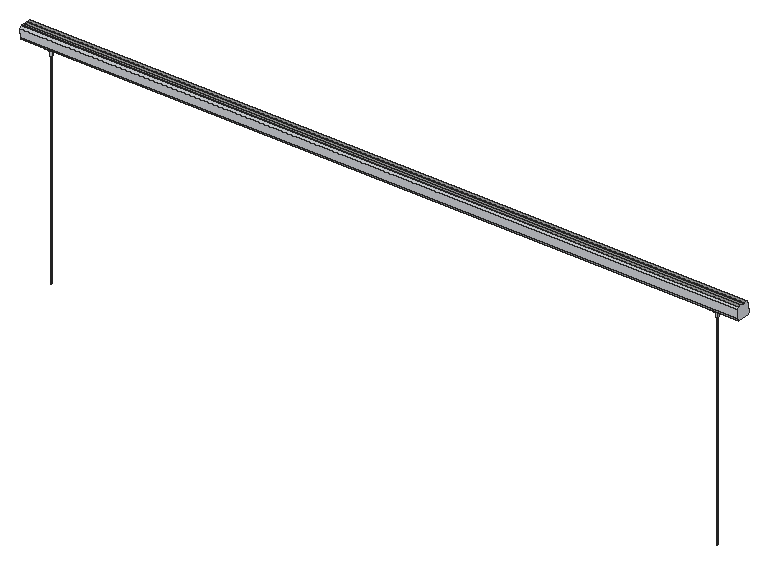
Revit family "0042545 Sylvania Lighting Fixture ISOLINE  3380MM 4K WD DA E3 8C", category Lighting Fixtures, host Face, Revit 2018
Family settings
  Host = Face
  Round Connector Dimension = Use Diameter
  Part Type = Normal
  OmniClass Number = 23.80.70.00
  OmniClass Title = Lighting
  Cut with Voids When Loaded = No
  Light Source = Yes
  Shared = No
  Room Calculation Point = No
Parameters (values of type "0042545 ISOLINE  3380MM 4K WD DA E3 8C")
  suspension height = 1000 mm
  spacer height = 5 mm
  spacer centres = 1000 mm
  height = 58.791 mm
  Width = 62 mm
  Weight = "n/a"
  Wattage Comments = ""
  Wattage = 9.2903 W
  WarrantyStartDate [instance] = "n/a"
  WarrantyGuarantorParts = "n/a"
  WarrantyDurationUnit = "n/a"
  WarrantyDurationParts = ""
  WarrantyDescription = "http://www.sylvania-lighting.com"
  built-in parameter 1150110 = 1 (stored number, unit not read)
  Voltage = 0 V
  URL = "0"
  TypeName = "ISOLINE  3380MM 4K WD DA E3 8C"
  Type Image = <None>
  Type Comments = "n/a"
  built-in parameter 1114217 = 1 (stored number, unit not read)
  Tilt Angle = 90.00°
  built-in parameter 1150109 = 1 (stored number, unit not read)
  built-in parameter 1150134 = 3
  built-in parameter 1150113 = 1 (stored number, unit not read)
  SerialNumber [instance] = "n/a"
  Photometric Web File = "0042545.ies"
  Material_3_FEILO = none
  PowerFactor = 0
  PowerConsumption = "Lighting"
  NominalLength = 62 mm
  NominalHeight = 0 mm
  NominalDepth = 0 mm
  Name = "ISOLINE  3380MM 4K WD DA E3 8C"
  ModelReference = Name  # "ISOLINE  3380MM 4K WD DA E3 8C"
  ModelNumber = "0042545"
  Model = Name  # "ISOLINE  3380MM 4K WD DA E3 8C"
  Material = "Feilo Sylvania"
  ManufacturerName = "142 lm/W"
  Manufacturer = ""
  LuminousEfficacy = ""
  built-in parameter 1150105 = 109.82 (stored number, unit not read)
  Lumens = 1380 lm
  LuminaireType = "0"
  built-in parameter 1150115 = 1 (stored number, unit not read)
  LightOutputRatio = "LED"
  built-in parameter 1150137 = (empty or 0)
  built-in parameter 1150139 = (empty or 0)
  Length = 3380 mm
  LampsType = Lamp  # "n/a"
  LampNominalLuminous = "4000 K"
  LampMacAdamStep = "80"
  LampColourTemperature = "LED"
  LampColourRenderingIndex = "16500"
  built-in parameter 1150112 = 1 (stored number, unit not read)
  built-in parameter 1150114 = 1 (stored number, unit not read)
  Lamp = "n/a"
  Keynote = "n/a"
  InstallationDate [instance] = "n/a"
  InputVoltage = "0"
  InputNominalFrequency = "4000"
  built-in parameter 1150132 = (empty or 0)
  built-in parameter 1150102 = (empty or 0)
  built-in parameter 1150107 = 3200 (stored number, unit not read)
  built-in parameter 1150138 = (empty or 0)
  IngressProtection = "IfcLightFixtureType"
  ImpactProtectionIndex = "IfcLightFixtureType"
  built-in parameter 1150106 = 1.0982 (stored number, unit not read)
  IfcExportType = "IfcLightFixtureType"
  IfcExportAs = "Class I"
  Height = 1000 mm
  ExpectedLife = 50000
  Emit from Circle Diameter = 609.6 mm
  Emit Shape Visible in Rendering = no
  ElectricShockClassification = "142"
  built-in parameter 1150104 = 13.8 (stored number, unit not read)
  DurationUnit = "hours"
  DocumentationLiterature = "http://www.sylvania-lighting.com/product/en-int/products/0042545"
  DimmingControlOptions = "n/a"
  Material_2_FEILO = none
  Dimming Lamp Color Temperature Shift = <None>
  Description = "Isoline LED linear DALI dimmable luminaire with 3hr integrated emergency function for industrial and commercial applications. 3380 mm length with wide optics provide homogeneous light distribution for open areas. Suitable for DALI Dimming. Aluminium housing, RAL 9016. Max + 35 °C operating temperature range, 4000 K, CRI 80, UGR <25, 3 SDMC. 115 W power consumption, 16300 lm luminous flux, 142 lm/W efficacy, 3380 mm x62 mm x 59 mm (L x W x H) dimensions, IP20, IK03, DC 50/60 Hz, Class I. Lifespan L70:B50 60,000 hours."
  Default Elevation = 1219.2 mm
  CreatedOn = "04/03/2021"
  CreatedBy = "@sylvania-lighting.com"
  Cost = 0
  Color Filter = 16777215
  built-in parameter 1114216 [instance] = (empty or 0)
  ClassificationValue = "EF_70_80"
  ClassificationName = "Uniclass2015"
  Material_1_FEILO = none
  BarCode [instance] = "n/a"
  built-in parameter 1114218 = 1 (stored number, unit not read)
  built-in parameter 1150133 = 10 (stored number, unit not read)
  AssetType = "Fixed"
  AssetIdentifier [instance] = "n/a"
  Assembly Code = "D5020200"
  Apparent Load = 115 VA
  Material_4_FEILO = none
Reference planes
  plane 1 "Center (Front/Back)": y = 0
  plane 2: z = 0
  plane 3 "Center (Left/Right)": x = 0
  plane 4: z = 0
  plane 5: z = 1000
  plane 6: y = 31
  plane 7: y = -31
  plane 8: x = -1690
  plane 9: x = 1690
  plane 10: x = -37.307
  plane 11: x = 55
  plane 12: z = 1058.791
  plane 13: z = 51
  plane 14: y = -27
  plane 15: y = 27
  plane 16: z = 12
  plane 17: y = -24.969
  plane 18: y = 25
  plane 19: y = 12
  plane 20: y = -12
  plane 21: z = 1.634
  plane 22: y = -8
  plane 23: y = 8
  plane 24: x = -1580
  plane 25: x = -1555
  plane 26: x = 1580
  plane 27: x = 1555
  plane 28: z = 995
  plane 29: y = 26.98
  plane 30: y = 16.98
  plane 31: y = -27.027
  plane 32: y = -17.004
  plane 33: z = 996.5
  plane 34: y = 26.002
  plane 35: y = -26.027
  plane 36: through (-1580, 7.965, 1219.2) normal (0.5391, 0.8423, 0)
  plane 37: through (-1555, 7.965, 1219.2) normal (0.5391, -0.8423, 0)
  plane 38: through (1555, 7.965, 1219.2) normal (0.5391, 0.8423, 0)
  plane 39: through (1580, 8, 1219.2) normal (0.5399, -0.8417, 0)
  plane 40: z = 1058.003
  plane 41: z = 1056.819
Forms (mm)
  Extrusion 1, solid, detail levels medium+fine
    sketch origin (-1690, -1523.717, -160.594) x (0, -1, -0.000261) y (0, 0.000261, -1)
      loop
        line (-1493, -1168.2) -> (-1497, -1160.2) -> (-1551, -1160.2) -> (-1555, -1168.2) -> (-1555, -1207.2) -> (-1549.109, -1218.982) -> (-1535.466, -1218.982) -> (-1532, -1217.566) -> (-1516, -1217.566) -> (-1512.511, -1218.991) -> (-1498.896, -1218.991) -> (-1493, -1207.2) -> (-1493, -1168.2)
    from 0 to 3380
  Extrusion 2, solid
    sketch origin (1555, 1524, 1219.189) x (0, 1, 0) y (0, 0, 1)
      loop
        line (-1497.021, -219.189) -> (-1498.02, -219.189) -> (-1507.02, -223.699) -> (-1541.004, -223.699) -> (-1550.017, -219.203) -> (-1551.02, -219.203) -> (-1541.004, -224.2) -> (-1507.02, -224.2) -> (-1497.021, -219.189)
    from 0 to 25
  Extrusion 3, solid
    sketch origin (-1580, 1524, 1219.189) x (0, 1, 0) y (0, 0, 1)
      loop
        line (-1497.021, -219.189) -> (-1498.02, -219.189) -> (-1507.02, -223.699) -> (-1541.004, -223.699) -> (-1550.017, -219.203) -> (-1551.02, -219.203) -> (-1541.004, -224.2) -> (-1507.02, -224.2) -> (-1497.021, -219.189)
    from 0 to 25
  Extrusion 4, solid
    sketch origin (4.2, 0, 0) x (1, 0, 0) y (0, 1, 0)
      loop
        circle (-1571.7, -0.035) r 5
    from 962.277 to 995
  Extrusion 5, solid
    sketch origin (3139.062, 0.065, 0) x (1, 0, 0) y (0, 1, 0)
      loop
        circle (-1571.7, -0.035) r 5
    from 962.277 to 995
  Extrusion 6, solid
    sketch origin (4.2, 0, 0) x (1, 0, 0) y (0, 1, 0)
      loop
        circle (-1571.7, -0.035) r 1.5
    from 0 to 962.277
  Extrusion 7, solid
    sketch origin (3139.076, 0.033, 0) x (1, 0, 0) y (0, 1, 0)
      loop
        circle (-1571.7, -0.035) r 1.5
    from 0 to 977.512
  Extrusion 8, solid, material "Glass, White, High Luminance", detail levels fine
    sketch origin (319, 1524, 1219.2) x (0, 1, 0) y (0, 0, 1)
      loop
        line (-1498.926, -160.099) -> (-1512.703, -160.099) -> (-1516.213, -161.534) -> (-1531.9, -161.534) -> (-1535.47, -160.114) -> (-1549.12, -160.114) -> (-1549.12, -161.197) -> (-1535.782, -161.197) -> (-1532.805, -162.381) -> (-1515.468, -162.381) -> (-1512.929, -161.197) -> (-1498.926, -161.197) -> (-1498.926, -160.099)
    from -2009 to 1371
  Extrusion 9, solid, detail levels coarse
    sketch origin (319, 1524, 1219.2) x (0, 1, 0) y (0, 0, 1)
      loop
        line (-1493, -160.052) -> (-1555, -160.052) -> (-1555, -1219.2) -> (-1493, -1219.2) -> (-1493, -160.052)
    from -2009 to 1371
Dimensions and locks
  "Width": plane 6 to plane 7
  equal spacing: plane 6, plane 1 "Center (Front/Back)", plane 7
  "Length": plane 8 to plane 9
  equal spacing: plane 8, plane 3 "Center (Left/Right)", plane 9
  "height": plane 12 to plane 5
  "suspension height": plane 5 to level
  aligned and locked: host face to plane 2
  aligned and locked: host face to level
Automatic sketch dimensions
  host sketch curve to host sketch curve = 3582.803 mm
  host sketch curve to host sketch curve = 2438.4 mm
  Extrusion 1 sketch curve to plane 29 = 0 mm
  Extrusion 1 sketch curve to plane 6 = 0.033 mm
  Extrusion 1 sketch curve to plane 12 = 11.778 mm
  Extrusion 1 sketch curve to Extrusion 1 sketch curve = 4 mm  (x2)
  Extrusion 1 sketch curve to Extrusion 1 sketch curve = 5.891 mm
  Extrusion 1 sketch curve to Extrusion 1 sketch curve = 13.643 mm
  Extrusion 1 sketch curve to Extrusion 1 sketch curve = 3.466 mm
  Extrusion 1 sketch curve to Extrusion 1 sketch curve = 16 mm
  Extrusion 1 sketch curve to Extrusion 1 sketch curve = 3.489 mm
  Extrusion 1 sketch curve to Extrusion 1 sketch curve = 13.615 mm
  Extrusion 1 sketch curve to Extrusion 1 sketch curve = 54 mm
  Extrusion 1 sketch curve to Extrusion 1 sketch curve = 47 mm
  Extrusion 1 sketch curve to Extrusion 1 sketch curve = 10.366 mm
  Extrusion 1 sketch curve to Extrusion 1 sketch curve = 1.425 mm
  Extrusion 1 sketch curve to Extrusion 1 sketch curve = 11.782 mm
  Extrusion 1 sketch curve to Extrusion 1 sketch curve = 8 mm  (x2)
  Extrusion 2 sketch curve to plane 32 = 0 mm  (x2)
  Extrusion 2 sketch curve to plane 30 = 0 mm  (x2)
  Extrusion 2 sketch curve to plane 5 = 0 mm
  Extrusion 2 sketch curve to plane 35 = 0.01 mm
  Extrusion 2 sketch curve to plane 31 = 0.007 mm
  plane 34 to Extrusion 2 sketch curve = 0.022 mm
  plane 29 to Extrusion 2 sketch curve = 0.001 mm
  Extrusion 2 sketch curve to plane 5 = 0.014 mm
  plane 28 to Extrusion 2 sketch curve = 0.489 mm
  Extrusion 2 sketch curve to plane 28 = 0.011 mm
  Extrusion 3 sketch curve to plane 32 = 0 mm  (x2)
  Extrusion 3 sketch curve to plane 30 = 0 mm  (x2)
  Extrusion 3 sketch curve to plane 5 = 0 mm
  Extrusion 3 sketch curve to plane 35 = 0.01 mm
  Extrusion 3 sketch curve to plane 31 = 0.007 mm
  plane 34 to Extrusion 3 sketch curve = 0.022 mm
  plane 29 to Extrusion 3 sketch curve = 0.001 mm
  Extrusion 3 sketch curve to plane 5 = 0.014 mm
  plane 28 to Extrusion 3 sketch curve = 0.489 mm
  Extrusion 3 sketch curve to plane 28 = 0.011 mm
  Extrusion 4 sketch curve to plane 36 = 0 mm
  plane 37 to Extrusion 4 sketch curve = 0 mm
  Extrusion 5 sketch curve to plane 1 "Center (Front/Back)" = 0.029 mm
  plane 27 to Extrusion 5 sketch curve = 12.362 mm
  Extrusion 6 sketch curve to plane 36 = 0 mm
  plane 37 to Extrusion 6 sketch curve = 0 mm
  plane 1 "Center (Front/Back)" to Extrusion 7 sketch curve = 0.002 mm
  plane 27 to Extrusion 7 sketch curve = 12.376 mm
  Extrusion 8 sketch curve to plane 40 = 0 mm  (x2)
  Extrusion 8 sketch curve to plane 41 = 0 mm
  plane 17 to Extrusion 8 sketch curve = 0.151 mm
  Extrusion 8 sketch curve to plane 20 = 0.218 mm
  plane 12 to Extrusion 8 sketch curve = 0.295 mm
  Extrusion 8 sketch curve to plane 20 = 0.53 mm
  plane 22 to Extrusion 8 sketch curve = 0.805 mm
  Extrusion 8 sketch curve to plane 22 = 0.1 mm
  plane 23 to Extrusion 8 sketch curve = 0.213 mm
  Extrusion 8 sketch curve to plane 23 = 0.532 mm
  plane 19 to Extrusion 8 sketch curve = 0.929 mm
  Extrusion 8 sketch curve to plane 18 = 0.074 mm
  plane 41 to Extrusion 8 sketch curve = 0.848 mm
  plane 19 to Extrusion 8 sketch curve = 0.703 mm
  plane 12 to Extrusion 8 sketch curve = 0.31 mm
  Extrusion 9 sketch curve to plane 7 = 0 mm
  Extrusion 9 sketch curve to plane 6 = 0 mm
  Extrusion 9 sketch curve to plane 33 = 996.5 mm
  plane 12 to Extrusion 9 sketch curve = 0.357 mm
  radius of Extrusion 4 sketch curve = 5 mm
  radius of Extrusion 5 sketch curve = 5 mm
  radius of Extrusion 6 sketch curve = 1.5 mm
  radius of Extrusion 7 sketch curve = 1.5 mm
Connectors
  electrical at (0, -0.02, 1000.004)
    settings: on Extrusion 1, index 1, voltage 0 V, apparent load 0 VA, apparent load phase1 0 VA, apparent load phase2 0 VA, apparent load phase3 0 VA, power factor 1, load classification "Other", number of poles 1, system type 31, power factor state 1, is connector primary yes, connector utility no, sub classification motor no, connector description ""
